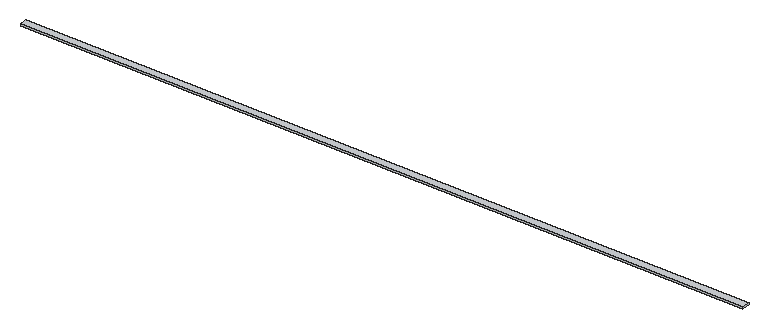
Revit family "ECOBRILLOSA 2216 IP20_S242210.U.1", category Luminarias, Revit 2019
Family settings
  Cota de conector redondo = Diámetro de uso
  Tipo de pieza = Normal
  Se basa en plano de trabajo = Sí
  Siempre vertical = No
  Corte con vacíos al cargar = No
  Origen de luz = Sí
  Compartido = No
  Punto de cálculo de habitación = No
Parameters (values of type "ECOBRILLOSA 2216 IP20_S242210.U.1")
  Tilt Angle = 60.00°
  Zone [instance] = ""
  Watt per fixture [instance] = (Longitud / 1000 mm) * (14.4)  # 14.4
  Wattage = 14.4 W
  built-in parameter 1150107 = 2700 (stored number, unit not read)
  built-in parameter 1150110 = 1 (stored number, unit not read)
  built-in parameter 1150109 = 1 (stored number, unit not read)
  built-in parameter 1150112 = 1 (stored number, unit not read)
  built-in parameter 1150113 = 1 (stored number, unit not read)
  built-in parameter 1114218 = 1 (stored number, unit not read)
  built-in parameter 1150142 = "IESNA:LM-63-1995\r\n[TEST]  \r\n[DATE] 2019/06/20\r\n[MANUFAC] BRILLANTE ILUMINACIÓN\r\n[LUMCAT] \r\n[LUMINAIRE] ECOBRILLOSA 2216 IP20\r\n[LAMPCAT] S242210.U.1\r\n[LAMP]ECOBRILLOSA 2216 IP20 2400°K\r\n[BALLASTCAT] \r\n[BALLAST] \r\n[OTHER]  \r\n[More] Temprature:25 Humidity:40\r\n[More] Frequency:DC Voltage:24.0 Current:0.64 Power:15.36 PF:0.000\r\nTILT=NONE\r\n1 1278.500 1.000 13 13 2 2 0.01 1.0 0.01\r\n1.0 1.0 15.36\r\n-90.0 -75.0 -60.0 -45.0 -30.0 -15.0 0.0 15.0 30.0 45.0 60.0 75.0 90.0\r\n-90.0 -75.0 -60.0 -45.0 -30.0 -15.0 0.0 15.0 30.0 45.0 60.0 75.0 90.0\r\n1.863 1.863 1.863 1.863 1.863 1.863 1.863 1.863 1.863 1.863 1.863 1.863 1.863\r\n2.998 12.988 31.009 50.103 65.736 75.944 79.400 75.640 65.191 49.387 30.721 12.827 1.652\r\n3.584 31.439 75.864 121.205 157.942 181.233 189.240 181.485 158.558 122.259 76.955 32.930 1.634\r\n4.845 51.949 124.092 191.845 243.502 275.235 285.248 273.301 240.146 187.594 119.905 49.141 1.619\r\n4.658 65.264 158.538 242.182 306.036 345.576 358.928 345.287 305.624 242.350 159.597 67.471 1.579\r\n4.565 79.762 185.904 278.436 348.330 391.342 404.744 388.136 342.746 271.496 179.168 74.843 1.633\r\n4.415 80.336 190.388 286.631 360.081 405.748 420.932 405.047 358.942 286.085 191.021 82.566 1.623\r\n5.027 81.012 187.264 279.784 349.595 392.546 405.929 389.359 343.950 272.826 180.529 76.131 1.614\r\n5.553 67.570 160.849 244.441 308.186 347.619 360.869 347.247 307.713 244.563 162.006 69.712 1.638\r\n5.892 54.805 127.302 194.875 246.335 277.891 287.803 275.952 243.009 190.800 123.464 51.899 1.642\r\n5.871 34.505 79.217 124.693 161.269 184.299 192.206 184.610 161.904 125.727 80.538 35.798 1.601\r\n4.527 15.995 34.521 53.494 69.086 79.215 82.671 78.961 68.572 52.830 34.011 15.626 1.616\r\n1.863 1.863 1.863 1.863 1.863 1.863 1.863 1.863 1.863 1.863 1.863 1.863 1.863\r\n"
  built-in parameter 1150137 = (empty or 0)
  built-in parameter 1150132 = (empty or 0)
  Modelo Lampara = "2216 SMD"
  Modelo = "S242210.U.1"
  Marca = "BRILLANT"
  Longitud de línea de emisión = 600 mm
  Longitud [instance] = 1000 mm
  built-in parameter 1150105 = 303.12 (stored number, unit not read)
  built-in parameter 1150102 = (empty or 0)
  built-in parameter 1150106 = 3.0312 (stored number, unit not read)
  Lumens = 1296 lm
  Color Filter = 16777215
  built-in parameter 1114217 = 1 (stored number, unit not read)
  built-in parameter 1150139 = (empty or 0)
  Fabricante = "BRILLANT"
  Default Elevation = 0 mm
  built-in parameter 1150104 = 8.3613 (stored number, unit not read)
  Descripción = "TIRA ECOBRILLOSA 2216 MONOCROMATICA DE PCB BLANCO MONTADA EN UNA CINTA ADHERIBLE 3M CON UNA POTENCIA DE 14.4W/M DE UN TIPO DE LED 2216 SMD, USO PARA INTERIORES IP20, IRC 90, TEMPERATURA EN BLANCO CALIDO 2700K, 1296 LUMENES/M, PRESENTACION DE 5M, CORTE 3.3CM, ALIMENTADO A 24V, REQUIERE ACCESORIOS."
  built-in parameter 1150115 = 1 (stored number, unit not read)
  built-in parameter 1150114 = 1 (stored number, unit not read)
  Comentarios de vataje = "24"
  built-in parameter 1150138 = (empty or 0)
  built-in parameter 1150134 = (empty or 0)
  Circuit [instance] = ""
  Dimming Lamp Color Temperature Shift = (empty or 0)
  Archivo de red fotométrica = "S242210.U.1 IES.IES"
  built-in parameter 1150133 = 10 (stored number, unit not read)
Reference planes
  plane 1 "Centro (Frontal/Posterior)": y = 0
  plane 2: z = 0
  plane 3 "Centro (Izquierda/Derecha)": x = 0
  plane 4 "IZQ": x = -407.821
  plane 5: x = 592.179
  plane 6: z = 2.139
  plane 7 "DER": x = 592.179
Forms (mm)
  Extrusion 1, solid
    sketch origin (0, 0, 0) x (1, 0, 0) y (0, 1, 0)
      loop
        line (-407.821, 5) -> (-407.821, -5) -> (592.179, -5) -> (592.179, 5) -> (-407.821, 5)
    from 0 to 2.139
Dimensions and locks
  plane 6 to imposter light = 2.139 mm
  "Longitud": plane 4 "IZQ" to plane 7 "DER"
  aligned and locked: level to plane 2
  aligned and locked: plane 4 "IZQ" to Extrusion 1
  aligned and locked: Extrusion 1 to plane 5
  aligned and locked: plane 6 to Extrusion 1
  aligned and locked: plane 7 "DER" to Extrusion 1
Connectors
  electrical at (592.179, 0, 1.07)
    settings: on Extrusion 1, index 1, voltage 24 V, apparent load 0 VA, apparent load phase1 0 VA, apparent load phase2 0 VA, apparent load phase3 0 VA, power factor 1, load classification "Otro", number of poles 1, system type 31, power factor state 1, is connector primary yes, connector utility no, sub classification motor no, connector description ""
